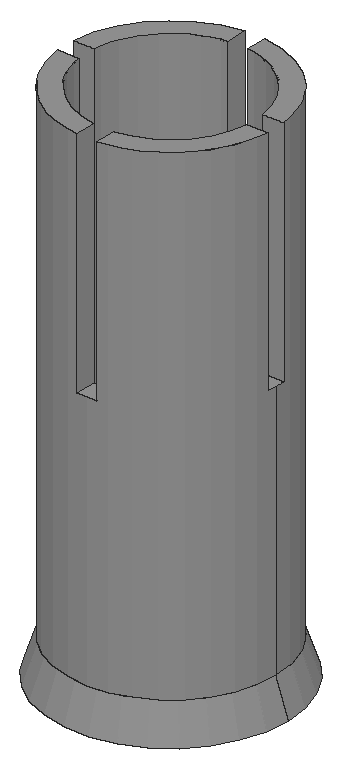
Revit family "ES M 8x25 Einschlaganker ES", category Generic Models, Revit 2017
Family settings
  Can host rebar = No
  Round Connector Dimension = Use Diameter
  Part Type = Normal
  Work Plane-Based = No
  Always vertical = Yes
  Cut with Voids When Loaded = No
  Shared = No
  Room Calculation Point = No
Parameters (values of type "ES M 8x25")
  URL = "http://www.obo-bettermann.com"
  Material = Electrogalvanised
  Manufacturer Art.No. = "3492020"
  Manufacturer = "OBO BETTERMANN"
  GTIN = "4012196709618"
  Article Type = "ES M 8x25"
Reference planes
  plane 1 "Center (Front/Back)": y = 0
  plane 2: z = 0
  plane 3 "Center (Left/Right)": x = 0
  plane 4: z = 25
  plane 5: z = 1.73
  plane 6: x = 5.6
  plane 7: x = -5.6
  plane 8: z = 14
  plane 9: z = 14
  plane 10: through (0, 0, 1200) normal (-0.7071, -0.7071, 0)
  plane 11: z = 14
  plane 12: z = 14
Forms (mm)
  Extrusion 1, solid, material "Electrogalvanised" <- "Material"
    sketch origin (0, 0, 0) x (1, 0, 0) y (0, 1, 0)
      loop
        circle (0, 0) r 5
      loop
        circle (0, 0) r 4.014
    from 1.73 to 25
  Revolve 2, solid, material "Electrogalvanised" <- "Material"
    sketch origin (0, 0, 0) x (1, 0, 0) y (0, 0, 1)
      loop
        line (5, 1.73) -> (4.015, 1.73) -> (4.015, 0) -> (5.6, 0) -> (5, 1.73)
      axis (0, 1.73) -> (0, 0)
    angle from 0 to 360
  Extrusion 3, void
    sketch origin (0, 0, 0) x (1, 0, 0) y (0, 0, 1)
      loop
        line (-0.476, 25) -> (-0.476, 14) -> (0.482, 14) -> (0.482, 25) -> (-0.476, 25)
    from 3.799 to 5.643
  Extrusion 4, void
    sketch origin (0, 0, 0) x (1, 0, 0) y (0, 0, -1)
      loop
        line (-0.476, -25) -> (0.482, -25) -> (0.482, -14) -> (-0.476, -14) -> (-0.476, -25)
    from 3.799 to 5.643
  Extrusion 5, void
    sketch origin (0, 0, 0) x (0, -1, 0) y (0, 0, 1)
      loop
        line (-0.476, 25) -> (-0.476, 14) -> (0.482, 14) -> (0.482, 25) -> (-0.476, 25)
    from 3.799 to 5.643
  Extrusion 6, void
    sketch origin (0, 0, 0) x (0, -1, 0) y (0, 0, -1)
      loop
        line (-0.476, -25) -> (0.482, -25) -> (0.482, -14) -> (-0.476, -14) -> (-0.476, -25)
    from 3.799 to 5.643
Cuts and joins
  Extrusion 3, Extrusion 4, Extrusion 5, Extrusion 6 cuts Extrusion 1
Dimensions and locks
  locked: plane 3 "Center (Left/Right)" to Extrusion 1 sketch curve
  locked: plane 3 "Center (Left/Right)" to Extrusion 1 sketch curve at 5
  locked: plane 3 "Center (Left/Right)" to Extrusion 1 sketch curve at 0
  locked: plane 3 "Center (Left/Right)" to Extrusion 1 sketch curve at 4.014
  locked: plane 4 to level at 25
  locked: plane 5 to level at 1.73
  locked: Revolve 2 sketch curve to Revolve 2 sketch curve at 0.985
  locked: Revolve 2 sketch curve to Revolve 2 sketch curve at 1.585
  locked: Extrusion 1 to Revolve 2 sketch curve at 1.73
  locked: Extrusion 1 to Revolve 2 at 25
  locked: Extrusion 1 to plane 8 at 11
  locked: Extrusion 3 sketch curve to Extrusion 3 sketch curve at 0.958
  locked: plane 3 "Center (Left/Right)" to Extrusion 3 sketch curve at 0.476
  locked: Extrusion 4 sketch curve to Extrusion 4 sketch curve at 0.958
  locked: Extrusion 5 sketch curve to Extrusion 5 sketch curve at 0.958
  locked: Extrusion 6 sketch curve to Extrusion 6 sketch curve at 0.958
  aligned and locked: level to plane 2
  aligned and locked: plane 4 to Extrusion 1
  aligned and locked: Extrusion 1 to plane 5
  aligned and locked: Revolve 2 sketch curve to plane 3 "Center (Left/Right)"
  aligned and locked: Revolve 2 sketch curve to plane 5
